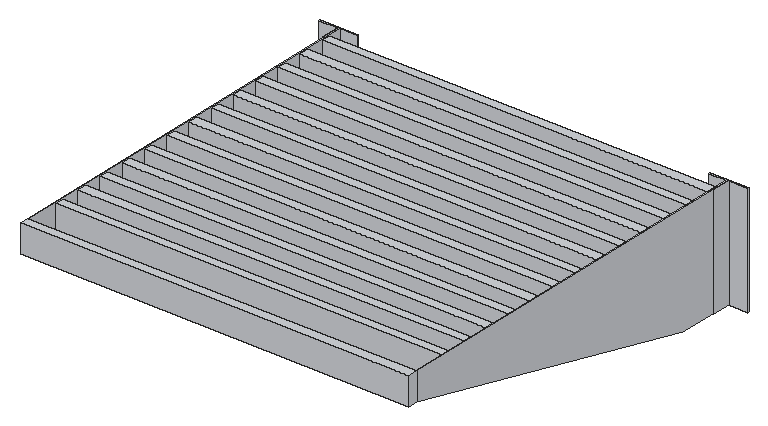
Revit family "Vista Series", category Mechanical Equipment, Revit 2015
Parameters
  blade spacing [instance] = 0' - 6"
  blade number [instance] = (Projection - 0' 3 1/2") / blade spacing  # 13
  blade length [instance] = Width - 0' 0 1/4" - 0' 0 1/4"  # 6' - 11 1/2"
  Width = 7' - 0"
  URL = "https://unitedenertech.com/catalog/pdf/C_14%20VISTA%20SERIES.pdf"
  Type Comments = "96\"x96\" Max Size"
  Projection = 7' - 0"
  Model = "Vista Series Sunshade"
  Manufacturer = "United Enertech"
  Height = 2' - 0"
  Description = "1/4\" aluminum tapered outrigger with 1/4\" aluminum rectangular tube blades"
Reference planes (in)
  plane 1 "Center (Front/Back)": y = 0
  plane 2: z = 0
  plane 3 "Center (Left/Right)": x = 0
  plane 4: z = 39.87479
  plane 5: z = 15.87479
  plane 6: y = 42
  plane 7: y = -42
  plane 8: z = 33.87479
  plane 9: y = 30
  plane 10: y = -44
  plane 11: x = 42
  plane 12: x = 84
  plane 13: x = 83.75
  plane 14: y = 39
  plane 15: y = 42.25
  plane 16: x = -0.25
  plane 17: x = 84.25
Forms (in)
  Extrusion 1, solid
    sketch origin (0, 0, 0) x (0, 1, 0) y (0, 0, 1)
      loop
        line (42, 39.87479) -> (-42, 39.87479) -> (-42, 33.87479) -> (30, 15.87479) -> (42, 15.87479) -> (42, 39.87479)
    from 0 to 0.25
  Extrusion 2, solid
    sketch origin (0, 0, 0) x (0, 1, 0) y (0, 0, 1)
      loop
        line (-42, 39.87479) -> (-44, 39.87479) -> (-44, 33.87479) -> (-42, 33.87479) -> (-42, 39.87479)
    from 0 to 84
  Extrusion 3, solid
    sketch origin (136, 0, 0) x (0, 1, 0) y (0, 0, -1)
      loop
        line (42, -39.87479) -> (42, -15.87479) -> (30, -15.87479) -> (-42, -33.87479) -> (-42, -39.87479) -> (42, -39.87479)
    from 52 to 52.25
  Extrusion 4, solid
    sketch origin (-5.02816, -6.32816, 0) x (1, 0, 0) y (0, 1, 0)
      loop
        line (4.77816, 44.32816) -> (5.02816, 44.32816) -> (5.02816, 48.32816) -> (9.02816, 48.32816) -> (9.02816, 48.57816) -> (0.77816, 48.57816) -> (0.77816, 48.32816) -> (4.77816, 48.32816) -> (4.77816, 44.32816)
    from 15.87479 to 39.87479
  Extrusion 5, solid
    sketch origin (89.02816, -6.32816, 0) x (-1, 0, 0) y (0, -1, 0)
      loop
        line (4.77816, -44.32816) -> (4.77816, -48.32816) -> (0.77816, -48.32816) -> (0.77816, -48.57816) -> (9.02816, -48.57816) -> (9.02816, -48.32816) -> (5.02816, -48.32816) -> (5.02816, -44.32816) -> (4.77816, -44.32816)
    from 15.87479 to 39.87479
Dimensions and locks (in)
  equal spacing: plane 6, plane 1 "Center (Front/Back)", plane 7
  "Projection": plane 6 to plane 7
  locked: plane 6 to plane 9 at 12
  locked: plane 4 to plane 8 at 6
  "Height": plane 4 to plane 5
  locked: plane 7 to plane 10 at 2
  equal spacing: plane 3 "Center (Left/Right)", plane 11, plane 12
  "Width": plane 3 "Center (Left/Right)" to plane 12
  locked: plane 13 to plane 12 at 0.25
  locked: plane 6 to plane 14 at 3
  equal spacing: group 1, group 2, group 3, group 4, group 5, group 6, group 7, group 8, group 9, group 10, group 11, group 12, group 13  (x2)
  equal spacing: group 13, group 12, group 11, group 10, group 9, group 8, group 7, group 6, group 5, group 4, group 3, group 2, group 1
  "blade spacing": nested 1 to nested 2
  locked: plane 15 to plane 6 at 0.25
  locked: plane 16 to plane 3 "Center (Left/Right)" at 0.25
  locked: plane 12 to plane 17 at 0.25
  aligned and locked: level to plane 2
  aligned and locked: plane 6 to Extrusion 1 sketch curve
  aligned and locked: plane 4 to Extrusion 1 sketch curve
  aligned and locked: Extrusion 2 sketch curve to plane 4
  aligned and locked: Extrusion 2 sketch curve to plane 7
  aligned and locked: plane 8 to Extrusion 2 sketch curve
  aligned and locked: plane 10 to Extrusion 2 sketch curve
  aligned and locked: plane 7 to Extrusion 2
  aligned and locked: Extrusion 2 to plane 10
  aligned and locked: Extrusion 2 to plane 8
  aligned and locked: plane 4 to Extrusion 2
  aligned and locked: Extrusion 1 to plane 3 "Center (Left/Right)"
  aligned and locked: Extrusion 3 to plane 12
  aligned and locked: Extrusion 2 to plane 12
  aligned and locked: Extrusion 3 to plane 13
  aligned and locked: nested 1 to plane 11
  aligned and locked: nested 1 to plane 14
  aligned and locked: plane 4 to nested 1
  aligned and locked: plane 6 to Extrusion 1
  aligned and locked: plane 15 to Extrusion 4
  aligned and locked: Extrusion 4 to plane 6  (x2)
  aligned and locked: plane 3 "Center (Left/Right)" to Extrusion 4
  aligned and locked: Extrusion 4 to plane 16
  aligned and locked: plane 4 to Extrusion 4
  aligned and locked: Extrusion 4 to plane 5
  aligned and locked: plane 15 to Extrusion 5
  aligned and locked: plane 17 to Extrusion 5
  aligned and locked: Extrusion 5 to plane 6  (x2)
  aligned and locked: plane 12 to Extrusion 5
  aligned and locked: plane 4 to Extrusion 5
  aligned and locked: Extrusion 5 to plane 5
  aligned and locked: plane 13 to nested 13
Automatic sketch dimensions
  Extrusion 1 sketch curve to plane 7 = 0' - 0"
  Extrusion 1 sketch curve to plane 5 = 0' - 0"
  Extrusion 1 sketch curve to plane 9 = 0' - 0"
  Extrusion 1 sketch curve to plane 8 = 0' - 0"
  Extrusion 3 sketch curve to plane 7 = 0' - 0"
  Extrusion 3 sketch curve to plane 5 = 0' - 0"
  Extrusion 3 sketch curve to plane 9 = 0' - 0"
  Extrusion 3 sketch curve to plane 6 = 0' - 0"
  Extrusion 3 sketch curve to plane 4 = 0' - 0"
  Extrusion 3 sketch curve to plane 8 = 0' - 0"
  Extrusion 4 sketch curve to plane 15 = 0' - 0"
  Extrusion 4 sketch curve to plane 6 = 0' - 0"  (x2)
  Extrusion 4 sketch curve to plane 16 = 0' - 0"
  Extrusion 4 sketch curve to plane 3 "Center (Left/Right)" = 0' - 0"
  Extrusion 4 sketch curve to plane 16 = 0' - 4"
  plane 3 "Center (Left/Right)" to Extrusion 4 sketch curve = 0' - 4"
  plane 14 to Extrusion 4 sketch curve = 0' - 1"
  Extrusion 5 sketch curve to plane 15 = 0' - 0"
  Extrusion 5 sketch curve to plane 6 = 0' - 0"  (x2)
  Extrusion 5 sketch curve to plane 17 = 0' - 0"
  Extrusion 5 sketch curve to plane 12 = 0' - 0"
  Extrusion 5 sketch curve to plane 17 = 0' - 4"
  plane 13 to Extrusion 5 sketch curve = 0' - 3 3/4"
  Extrusion 5 sketch curve to plane 14 = 0' - 1"
Nested families (in)
  nested 1: "Vista Series Blade" at (42, 42.70681, 30.8076), blade length <- "blade length", type "Vista Series Blade"
    with blade length 6' - 11 1/2"
  nested 2: "Vista Series Blade" at (42, 36.70681, 30.8076), blade length <- "blade length", type "Vista Series Blade"
    with blade length 6' - 11 1/2"
  nested 3: "Vista Series Blade" at (42, 30.70681, 30.8076), blade length <- "blade length", type "Vista Series Blade"
    with blade length 6' - 11 1/2"
  nested 4: "Vista Series Blade" at (42, 24.70681, 30.8076), blade length <- "blade length", type "Vista Series Blade"
    with blade length 6' - 11 1/2"
  nested 5: "Vista Series Blade" at (42, 18.70681, 30.8076), blade length <- "blade length", type "Vista Series Blade"
    with blade length 6' - 11 1/2"
  nested 6: "Vista Series Blade" at (42, 12.70681, 30.8076), blade length <- "blade length", type "Vista Series Blade"
    with blade length 6' - 11 1/2"
  nested 7: "Vista Series Blade" at (42, 6.70681, 30.8076), blade length <- "blade length", type "Vista Series Blade"
    with blade length 6' - 11 1/2"
  nested 8: "Vista Series Blade" at (42, 0.70681, 30.8076), blade length <- "blade length", type "Vista Series Blade"
    with blade length 6' - 11 1/2"
  nested 9: "Vista Series Blade" at (42, -5.29319, 30.8076), blade length <- "blade length", type "Vista Series Blade"
    with blade length 6' - 11 1/2"
  nested 10: "Vista Series Blade" at (42, -11.29319, 30.8076), blade length <- "blade length", type "Vista Series Blade"
    with blade length 6' - 11 1/2"
  nested 11: "Vista Series Blade" at (42, -17.29319, 30.8076), blade length <- "blade length", type "Vista Series Blade"
    with blade length 6' - 11 1/2"
  nested 12: "Vista Series Blade" at (42, -23.29319, 30.8076), blade length <- "blade length", type "Vista Series Blade"
    with blade length 6' - 11 1/2"
  nested 13: "Vista Series Blade" at (42, -29.29319, 30.8076), blade length <- "blade length", type "Vista Series Blade"
    with blade length 6' - 11 1/2"
Definition of nested family "Vista Series Blade"
  Parameters (values of type "Vista Series Blade")
    blade length [instance] = 4' - 0"
  Reference planes (in)
    plane 1 "Center (Front/Back)": y = 0
    plane 2: z = 0
    plane 3 "Center (Left/Right)": x = 0
    plane 4: x = -24
    plane 5: x = 24
  Forms (in)
    Extrusion 1, solid
      sketch origin (0, 0, 0) x (0, 1, 0) y (0, 0, 1)
        loop
          line (-5.45681, 3.31719) -> (-3.95681, 3.31719) -> (-3.95681, 8.81719) -> (-5.45681, 8.81719) -> (-5.45681, 3.31719)
        loop
          line (-5.70681, 3.06719) -> (-3.70681, 3.06719) -> (-3.70681, 9.06719) -> (-5.70681, 9.06719) -> (-5.70681, 3.06719)
      from -24 to 24
  Dimensions and locks (in)
    equal spacing: plane 4, plane 3 "Center (Left/Right)", plane 5
    "blade length": plane 4 to plane 5
    aligned and locked: level to plane 2
    aligned and locked: plane 4 to Extrusion 1
    aligned and locked: Extrusion 1 to plane 5
  Automatic sketch dimensions
    plane 1 "Center (Front/Back)" to Extrusion 1 sketch curve = 0' - 5.70681"
    Extrusion 1 sketch curve to Extrusion 1 sketch curve = 0' - 0 1/4"  (x4)
    Extrusion 1 sketch curve to Extrusion 1 sketch curve = 0' - 1 1/2"
    level to Extrusion 1 sketch curve = 0' - 3.06719"
    Extrusion 1 sketch curve to Extrusion 1 sketch curve = 0' - 5 1/2"
